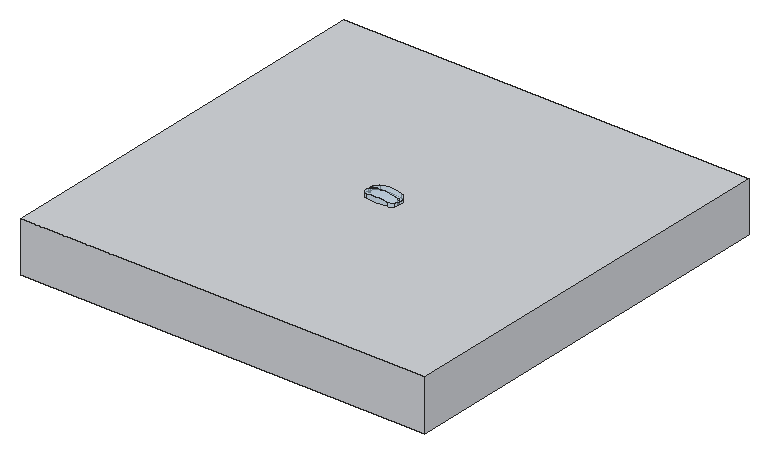
Revit family "GALAD Блистер LED", category Осветительные приборы, Revit 2018 (continued)
Parameters (values of type "GALAD Блистер LED-9 ECO IP30")
    9 281.93 279.39 276.30 272.49 268.26 263.61 258.54 252.91 246.85 239.94 232.62 224.73 216.56 207.68 198.52 188.94 179.08 169.21 158.51 147.66 136.95 126.24 115.67 105.25 95.25 85.81 76.79 68.33 60.73 53.82 47.34 41.70 36.63 32.12 28.32 25.08 22.40 19.87 16.63 12.82 9.58 7.89 8.59 10.00 10.71 10.57 10.57 10.29 9.86 9.44 9.02 8.59 8.31 7.89 7.47 7.04 6.62 6.34 5.92 5.49 5.07 4.51 3.95 3.10 1.69 0.28 0.00 0.14 \r\n287.28 286.72 286.58 285.74 284.19 281.93 279.39 276.30 272.49 268.26 263.47 258.40 252.34 245.72 238.96 232.05 223.88 215.71 207.40 198.38 188.94 178.94 168.65 158.08 147.66 136.95 126.10 115.39 105.11 95.25 85.66 76.79 68.62 60.87 53.82 47.48 41.70 36.63 32.26 28.32 25.22 22.54 19.87 16.34 12.68 9.86 8.31 8.59 10.00 10.99 10.85 10.71 10.57 10.14 9.58 9.30 8.88 8.45 8.03 7.61 7.19 6.76 6.34 5.92 5.64 5.07 4.51 3.95 3.24 1.83 0.28 0.00 0.14 \r\n287.28 286.72 286.58 285.74 284.19 281.93 279.54 276.30 272.77 268.69 263.90 258.40 252.48 246.43 239.38 232.05 224.30 215.85 206.83 197.96 188.80 178.94 168.65 158.37 147.66 136.81 126.10 115.53 105.25 95.10 85.66 76.93 68.76 61.01 54.10 47.62 41.99 36.91 32.41 28.60 25.36 22.82 20.15 17.05 13.10 9.58 7.89 8.31 10.14 11.13 10.99 10.85 10.71 10.29 9.72 9.44 8.88 8.45 8.17 7.75 7.19 6.76 6.34 5.92 5.64 5.07 4.51 3.95 3.24 1.83 0.42 0.00 0.14 \r\n287.28 286.72 286.58 285.74 284.19 282.07 279.54 276.15 272.49 268.26 263.47 258.26 252.34 245.72 239.10 231.91 223.88 215.71 206.97 197.82 188.24 178.23 168.09 157.66 147.09 136.25 125.54 114.97 104.54 94.54 85.10 76.22 67.91 60.44 53.40 47.06 41.42 36.35 31.98 28.32 25.22 22.54 19.73 16.34 12.54 9.72 8.03 8.59 10.85 11.55 11.41 11.13 10.85 10.29 9.86 9.44 9.02 8.45 8.03 7.61 7.19 6.76 6.48 6.06 5.64 5.07 4.51 3.95 3.38 1.97 0.42 0.00 0.14 \r\n287.28 286.72 286.58 285.59 284.19 282.07 279.39 276.15 272.35 268.26 263.47 257.98 252.20 245.72 238.96 231.35 223.74 215.29 206.55 197.53 187.95 177.95 167.81 157.38 146.81 135.82 124.97 114.55 103.98 94.12 84.82 75.94 67.77 60.16 53.12 46.78 41.14 36.21 31.84 28.04 24.94 22.26 19.73 16.63 12.82 9.72 8.17 8.88 11.13 11.69 11.55 11.27 10.99 10.43 10.00 9.44 9.02 8.45 8.03 7.61 7.19 6.90 6.48 6.06 5.64 5.07 4.51 3.95 3.38 2.11 0.56 0.00 0.14 \r\n287.28 286.72 286.58 285.59 284.19 281.93 279.25 276.30 272.77 268.26 263.61 258.40 252.34 246.28 239.52 232.20 224.30 215.85 207.12 197.68 187.95 177.95 167.67 157.10 146.25 135.54 124.97 114.41 103.84 93.84 84.40 75.52 67.35 59.88 52.98 46.64 41.00 36.07 31.70 28.04 24.94 22.12 19.30 16.06 12.68 10.14 8.45 9.02 11.27 11.69 11.41 11.27 10.85 10.43 10.00 9.58 9.02 8.59 8.17 7.61 7.19 6.76 6.48 6.06 5.64 5.07 4.51 3.95 3.38 2.25 0.70 0.00 0.14 \r\n287.28 286.72 286.58 285.59 284.19 281.93 279.39 276.30 272.91 268.69 264.18 258.82 252.77 246.14 238.96 231.63 223.88 215.57 206.69 197.39 187.53 177.67 167.24 156.68 146.11 135.26 124.41 113.70 103.42 93.55 84.26 75.52 67.21 59.74 52.84 46.50 40.86 35.79 31.42 27.76 24.66 22.12 19.44 16.48 12.82 9.72 8.74 9.72 11.69 11.69 11.41 11.27 10.99 10.43 10.00 9.44 8.88 8.45 8.03 7.61 7.19 6.76 6.34 5.92 5.64 5.07 4.51 3.95 3.38 2.40 0.85 0.00 0.14 \r\n287.28 286.72 286.58 285.59 284.19 282.21 279.82 276.72 272.91 268.69 264.18 258.82 252.77 246.00 238.82 231.77 223.88 215.15 206.41 197.25 187.67 177.67 167.38 156.82 145.97 134.98 124.41 113.70 103.42 93.27 83.83 75.10 66.93 59.32 52.27 46.07 40.44 35.51 31.28 27.47 24.52 21.98 19.44 16.63 13.39 10.57 9.30 10.29 11.98 11.84 11.55 11.27 10.99 10.43 9.86 9.44 8.88 8.45 8.03 7.61 7.19 6.76 6.34 5.92 5.49 5.07 4.51 3.95 3.52 2.40 0.99 0.00 0.14 \r\n287.28 286.72 286.58 285.59 284.33 282.49 280.10 277.00 273.05 268.69 263.76 258.40 252.34 246.00 239.10 231.35 223.46 215.01 205.99 196.69 187.11 176.96 166.82 156.11 145.54 134.84 123.85 113.28 102.85 92.85 83.27 74.53 66.50 58.89 51.99 45.79 40.16 35.22 30.86 27.19 24.23 21.70 19.16 16.34 13.53 11.27 10.43 11.27 12.54 12.12 11.69 11.41 10.99 10.43 9.86 9.30 8.88 8.45 8.03 7.47 7.04 6.76 6.34 5.92 5.49 5.07 4.51 3.95 3.52 2.54 1.13 0.00 0.14 \r\n287.28 286.72 286.58 285.74 284.47 282.64 280.10 277.00 273.05 268.55 263.61 257.98 251.92 245.30 238.25 230.93 222.90 214.44 205.57 196.27 186.69 176.68 166.12 155.69 145.12 133.99 123.28 112.72 102.29 92.29 83.13 74.11 65.94 58.33 51.43 45.09 39.59 34.80 30.43 26.91 23.95 21.42 19.16 16.63 13.81 11.55 10.99 11.69 12.40 12.12 11.69 11.41 10.99 10.43 9.86 9.30 8.74 8.31 7.89 7.47 7.04 6.76 6.34 5.92 5.49 5.07 4.51 3.95 3.52 2.68 1.27 0.14 0.14 \r\n287.28 286.72 286.58 285.88 284.61 282.78 279.96 276.72 273.05 268.41 263.47 257.70 251.64 245.16 238.11 230.65 222.47 213.88 205.57 196.41 186.40 176.26 165.69 155.13 144.42 133.43 122.86 112.01 101.59 91.72 82.28 73.55 65.38 57.91 51.00 44.66 39.17 34.24 30.01 26.49 23.53 20.99 18.60 16.06 13.53 11.84 11.55 12.26 12.68 12.26 11.84 11.55 10.99 10.29 9.72 9.16 8.74 8.31 7.89 7.47 7.04 6.62 6.34 5.92 5.49 4.93 4.51 3.95 3.52 2.82 1.27 0.14 0.14 \r\n287.28 286.72 286.58 286.02 284.75 282.78 279.82 276.58 272.91 268.12 263.05 257.56 251.36 244.73 237.83 230.22 222.19 213.60 204.72 195.70 185.70 175.56 165.55 154.84 143.85 133.15 122.44 111.59 101.02 91.16 81.72 72.84 64.67 57.20 50.30 44.10 38.46 33.67 29.45 25.92 23.11 20.71 18.32 16.06 13.81 12.40 12.26 12.68 12.54 12.12 11.69 11.41 10.85 10.14 9.58 9.02 8.45 8.17 7.75 7.33 7.04 6.62 6.34 5.92 5.49 4.93 4.37 3.95 3.52 2.82 1.41 0.14 0.14 \r\n287.28 286.58 286.58 286.02 284.89 282.78 279.68 276.30 272.49 267.84 262.77 257.27 251.22 244.88 237.83 230.08 221.91 213.32 204.30 194.86 185.14 175.41 164.85 154.14 143.43 132.44 121.59 111.03 100.60 90.60 81.16 72.42 64.25 56.64 49.74 43.54 38.04 33.25 29.02 25.50 22.68 20.29 18.18 15.92 13.95 12.68 12.54 12.96 12.68 12.12 11.69 11.27 10.71 10.14 9.58 8.88 8.45 8.03 7.75 7.33 6.90 6.62 6.20 5.92 5.35 4.93 4.37 3.95 3.52 2.96 1.55 0.28 0.14 \r\n287.28 286.58 286.72 286.16 284.75 282.49 279.54 276.15 271.93 267.56 262.49 256.85 250.79 244.31 237.27 229.66 221.35 212.89 204.16 194.86 185.14 175.13 164.71 153.86 143.01 132.02 121.03 110.32 100.04 89.89 80.45 71.72 63.40 55.65 48.89 42.69 37.20 32.41 28.32 24.94 22.12 19.87 17.75 15.78 14.37 13.53 13.39 13.24 12.68 11.98 11.55 11.13 10.43 9.86 9.30 8.74 8.31 7.89 7.61 7.19 6.90 6.48 6.20 5.78 5.35 4.93 4.37 3.95 3.52 2.96 1.69 0.28 0.14 \r\n287.28 286.58 286.72 286.16 284.61 282.21 279.39 275.87 271.79 267.28 262.21 256.85 250.51 243.89 236.99 229.10 221.21 212.75 203.73 194.44 184.43 174.29 163.86 153.15 142.59 131.60 120.75 109.90 99.33 89.33 79.89 70.87 62.70 55.23 48.47 42.27 36.63 31.98 27.90 24.52 21.70 19.44 17.61 15.92 14.51 13.67 13.53 13.39 12.68 11.98 11.41 10.71 10.14 9.44 8.88 8.45 8.03 7.75 7.47 7.19 6.76 6.48 6.20 5.78 5.35 4.79 4.37 3.80 3.52 3.10 1.83 0.42 0.14 \r\n287.28 286.58 286.72 286.16 284.33 281.93 279.11 275.73 271.79 267.28 262.06 256.57 250.37 243.47 236.28 229.10 220.78 212.05 203.17 193.59 183.87 174.01 163.58 152.73 141.88 130.75 119.62 109.19 98.63 88.62 78.90 70.02 61.85 54.39 47.34 41.14 35.79 31.14 27.05 23.81 21.13 19.02 17.33 15.78 14.65 14.09 13.95 13.67 12.96 12.26 11.41 10.57 9.72 9.02 8.45 8.03 7.75 7.47 7.19 6.90 6.62 6.34 6.06 5.64 5.21 4.79 4.37 3.80 3.52 3.10 1.97 0.42 0.14 \r\n287.28 286.58 286.86 286.16 284.33 281.79 278.97 275.73 271.65 267.28 261.92 256.15 250.09 243.33 236.14 228.67 220.64 212.05 202.75 193.45 183.59 173.44 163.02 152.31 141.46 130.47 119.34 108.49 98.06 87.92 78.34 69.60 61.29 53.68 46.78 40.58 35.22 30.57 26.63 23.25 20.71 18.46 16.91 15.64 14.65 14.09 14.09 13.53 12.82 11.98 11.27 10.29 9.44 8.59 8.03 7.61 7.47 7.19 7.04 6.76 6.48 6.34 5.92 5.64 5.21 4.79 4.23 3.80 3.52 3.10 1.97 0.56 0.14 \r\n287.28 286.58 286.86 286.30 284.33 281.79 278.83 275.59 271.50 266.86 261.64 255.87 249.67 243.04 235.86 228.25 220.08 211.48 202.33 192.74 183.02 172.88 162.31 151.60 140.75 129.91 118.77 107.78 97.22 87.21 77.63 68.47 60.30 52.69 45.65 39.59 34.24 29.59 25.78 22.54 20.01 18.03 16.48 15.36 14.51 14.23 14.09 13.53 12.82 11.98 11.27 10.29 9.30 8.31 7.75 7.33 7.04 6.90 6.76 6.62 6.34 6.20 5.92 5.49 5.07 4.65 4.23 3.80 3.52 3.24 2.11 0.56 0.14 \r\n287.28 286.58 287.00 286.30 284.33 281.79 278.69 275.31 271.22 266.57 261.50 255.58 249.67 242.76 235.15 227.69 219.37 210.78 201.90 192.60 182.60 172.31 161.89 151.04 139.91 128.92 117.93 106.94 96.65 86.37 76.79 67.91 59.60 51.85 45.09 39.03 33.67 29.02 25.08 21.98 19.44 17.47 15.92 14.93 14.37 14.23 14.23 13.39 12.54 11.84 10.85 9.86 8.88 7.89 7.33 6.90 6.62 6.48 6.34 6.34 6.20 5.92 5.78 5.35 5.07 4.65 4.23 3.80 3.52 3.24 2.25 0.70 0.14 \r\n287.28 286.58 287.00 286.30 284.19 281.65 278.41 275.03 270.94 266.29 261.08 255.30 249.10 242.48 235.01 227.26 218.95 210.50 201.34 191.76 182.04 171.75 161.32 150.62 139.77 128.50 117.37 106.52 95.67 85.52 75.80 66.78 58.61 50.86 43.96 37.90 32.55 28.04 24.23 21.13 18.74 16.77 15.36 14.51 14.09 14.23 13.95 13.24 12.54 11.69 10.71 9.72 8.59 7.75 6.90 6.62 6.34 6.20 6.06 6.06 5.92 5.78 5.49 5.21 4.93 4.65 4.23 3.80 3.52 3.24 2.25 0.70 0.14 \r\n287.28 286.72 287.00 286.16 284.04 281.51 278.27 274.89 270.80 266.01 260.80 254.88 248.54 242.06 234.73 226.98 218.67 210.22 200.78 191.05 181.33 171.33 160.62 149.77 138.64 127.79 116.66 105.67 95.10 84.82 75.10 66.08 57.63 50.02 43.11 36.91 31.70 27.19 23.53 20.43 18.03 16.20 14.79 14.09 13.95 14.09 13.67 12.96 12.12 11.27 10.29 9.16 8.17 7.33 6.76 6.34 6.06 5.78 5.78 5.64 5.64 5.64 5.35 5.07 4.79 4.51 4.09 3.80 3.52 3.38 2.40 0.70 0.14 \r\n287.28 286.72 287.14 286.02 284.04 281.37 278.27 274.75 270.66 265.87 260.66 254.60 248.40 241.35 234.17 226.42 218.11 209.51 200.35 190.77 180.77 170.76 160.06 149.07 137.94 126.95 115.67 104.83 94.26 83.97 74.25 65.09 56.64 48.89 41.99 35.93 30.72 26.35 22.68 19.73 17.33 15.50 14.23 13.67 13.67 13.81 13.39 12.54 11.69 10.85 9.86 8.74 7.89 7.04 6.48 6.06 5.64 5.49 5.35 5.35 5.35 5.35 5.21 4.93 4.65 4.37 4.09 3.80 3.66 3.38 2.54 0.85 0.14 \r\n287.28 286.72 287.14 285.88 283.90 281.37 278.13 274.60 270.52 265.59 260.51 254.60 248.26 241.21 233.89 226.14 217.82 208.95 199.93 190.49 180.06 169.92 159.63 148.79 137.65 126.52 115.39 104.26 93.55 83.27 73.41 64.25 55.94 48.19 41.28 35.22 30.01 25.50 21.98 19.02 16.63 14.79 13.67 13.10 13.39 13.39 12.96 12.40 11.55 10.43 9.44 8.31 7.47 6.76 6.34 5.78 5.35 5.07 5.07 5.07 5.07 5.07 4.93 4.79 4.65 4.37 4.09 3.80 3.66 3.38 2.54 0.85 0.14 \r\n287.28 286.72 287.14 285.88 283.90 281.23 277.99 274.46 270.24 265.31 260.09 254.46 247.98 241.07 233.89 226.28 217.68 208.81 199.65 190.07 180.06 169.92 159.35 148.36 137.23 126.10 114.83 103.70 92.99 82.56 72.56 63.40 54.95 47.06 40.16 34.10 29.02 24.66 20.99 18.18 15.92 14.23 13.10 12.82 13.10 12.96 12.54 11.84 10.99 10.00 8.88 7.89 7.04 6.48 6.06 5.49 5.07 4.79 4.79 4.79 4.79 4.79 4.79 4.65 4.51 4.23 4.09 3.80 3.66 3.38 2.68 0.99 0.14 \r\n287.28 286.72 287.00 285.74 283.90 281.09 277.85 274.32 270.10 265.31 259.95 254.17 247.55 240.65 233.60 225.85 217.26 208.38 199.23 189.50 179.64 169.36 158.65 147.80 136.67 125.40 114.27 102.99 92.15 81.72 71.72 62.56 53.96 46.35 39.17 33.25 28.04 23.81 20.29 17.47 15.22 13.53 12.54 12.54 12.68 12.40 11.84 11.27 10.29 9.30 8.31 7.47 6.76 6.34 5.78 5.35 4.93 4.51 4.37 4.37 4.51 4.51 4.51 4.51 4.37 4.23 4.09 3.80 3.66 3.38 2.68 0.99 0.14 \r\n287.28 286.86 287.00 285.74 283.76 280.80 277.56 274.18 270.10 265.16 259.67 253.89 247.41 240.51 233.18 225.01 216.56 207.68 198.66 188.94 178.94 168.51 157.94 146.67 135.96 124.55 113.00 102.01 91.02 80.73 70.59 61.29 52.69 45.09 38.04 32.12 27.05 22.82 19.30 16.63 14.37 12.82 12.12 12.26 12.12 11.84 11.27 10.57 9.72 8.59 7.75 7.04 6.48 5.92 5.49 5.07 4.65 4.23 4.09 4.09 4.09 4.23 4.37 4.23 4.23 4.09 4.09 3.95 3.66 3.38 2.82 0.99 0.14 \r\n287.28 286.86 287.00 285.74 283.62 280.80 277.56 274.04 269.81 264.88 259.39 253.47 247.13 240.23 232.62 224.59 216.13 207.26 198.24 188.52 178.37 167.95 157.24 146.39 135.26 123.99 112.58 101.59 90.60 79.89 70.02 60.58 52.13 44.24 37.34 31.28 26.21 21.98 18.46 15.78 13.53 11.98 11.55 11.69 11.69 11.27 10.57 9.86 8.88 8.03 7.19 6.62 6.20 5.64 5.21 4.79 4.37 3.95 3.80 3.80 3.80 3.95 4.09 4.09 4.09 4.09 3.95 3.95 3.66 3.52 2.82 1.13 0.14 \r\n287.28 286.86 287.00 285.74 283.62 280.94 277.70 274.04 269.67 264.74 259.25 253.05 246.57 239.66 232.20 224.30 215.85 206.97 197.82 188.09 177.81 167.67 156.96 145.83 134.55 123.42 112.01 100.74 89.61 79.18 69.04 59.74 51.00 43.11 36.21 30.29 25.08 20.99 17.61 14.93 12.82 11.55 11.27 11.27 11.13 10.71 10.00 9.02 8.17 7.33 6.76 6.34 5.78 5.35 4.93 4.51 4.09 3.66 3.38 3.38 3.52 3.66 3.80 3.95 3.95 3.95 3.95 3.95 3.66 3.52 2.96 1.13 0.14 \r\n287.28 286.86 287.00 285.59 283.62 280.94 277.56 274.04 269.39 264.46 259.11 252.77 246.28 239.52 232.20 223.88 215.57 206.55 197.39 187.67 177.39 167.24 156.53 145.40 134.13 122.86 111.45 100.04 88.76 78.34 68.33 58.75 50.16 42.27 35.36 29.45 24.37 20.15 16.77 13.95 11.84 10.85 10.71 10.71 10.57 10.14 9.16 8.17 7.33 6.90 6.48 5.92 5.49 5.07 4.65 4.23 3.80 3.52 3.24 3.10 3.24 3.38 3.52 3.80 3.95 3.95 3.95 3.95 3.66 3.52 2.96 1.13 0.14 \r\n287.28 287.00 287.00 285.59 283.62 280.94 277.28 273.76 269.25 264.04 258.97 252.77 246.14 239.38 232.05 223.46 215.01 206.13 196.97 187.25 177.11 166.68 155.69 144.70 133.57 122.30 110.74 99.47 88.34 77.49 67.35 57.77 49.17 41.28 34.38 28.32 23.39 19.16 15.92 13.10 11.27 10.43 10.14 10.14 10.00 9.44 8.45 7.47 6.90 6.34 5.92 5.49 5.07 4.65 4.23 3.95 3.52 3.24 2.96 2.82 2.82 3.10 3.38 3.66 3.80 3.95 3.95 3.95 3.66 3.52 3.10 1.13 0.14 \r\n287.28 287.00 287.00 285.59 283.62 280.80 277.28 273.34 269.25 263.76 258.54 252.62 245.86 239.10 231.63 223.18 214.58 205.85 196.69 186.69 176.54 166.12 155.13 144.14 133.00 121.45 110.04 98.63 87.50 76.79 66.64 57.06 48.33 40.44 33.53 27.47 22.54 18.32 14.93 12.26 10.43 9.86 9.72 9.58 9.16 8.59 7.75 6.76 6.20 5.78 5.49 5.07 4.65 4.23 3.95 3.52 3.24 2.96 2.68 2.54 2.54 2.82 3.10 3.52 3.80 3.95 3.95 3.95 3.66 3.52 3.10 1.13 0.14 \r\n287.28 287.00 287.00 285.59 283.48 280.80 277.28 273.34 269.39 264.18 258.40 252.34 245.86 238.82 231.21 223.18 214.30 205.57 196.13 186.40 175.98 165.55 154.98 143.57 132.58 120.89 109.48 98.20 86.65 75.94 65.80 56.22 47.48 39.45 32.55 26.63 21.70 17.47 14.09 11.41 9.86 9.16 9.02 8.88 8.31 7.75 7.19 6.34 5.64 5.35 4.93 4.65 4.23 3.95 3.52 3.24 2.96 2.68 2.40 2.25 2.25 2.54 2.96 3.38 3.80 3.95 3.95 3.95 3.80 3.52 3.24 1.13 0.14 \r\n287.28 287.00 287.00 285.59 283.48 280.66 277.14 273.34 269.11 264.04 258.40 252.06 245.86 238.39 230.65 222.90 214.16 205.00 195.56 185.98 175.70 164.99 154.14 143.29 132.02 120.47 108.77 97.36 86.23 75.24 64.95 55.37 46.64 38.75 31.70 25.78 20.71 16.63 13.10 10.43 9.16 8.74 8.45 8.03 7.47 7.04 6.62 5.78 5.07 4.79 4.51 4.09 3.80 3.52 3.24 2.96 2.68 2.40 2.11 1.97 2.11 2.40 2.82 3.38 3.66 3.95 3.95 3.95 3.80 3.52 3.24 1.27 0.14 \r\n287.28 287.14 287.00 285.59 283.34 280.52 277.00 273.20 268.83 263.61 258.26 251.78 245.44 238.11 230.36 222.33 213.74 204.86 195.14 185.56 175.27 164.57 153.58 142.44 131.17 119.90 108.35 96.79 85.66 74.53 63.97 54.53 45.65 37.90 30.86 24.94 20.01 15.78 12.12 9.72 8.74 8.17 7.61 7.04 6.76 6.48 6.06 5.35 4.51 4.23 3.95 3.66 3.38 3.10 2.82 2.54 2.40 2.11 1.97 1.83 1.97 2.40 2.82 3.24 3.66 3.95 3.95 3.95 3.80 3.52 3.38 1.27 0.14 \r\n287.28 287.14 287.00 285.45 283.34 280.52 276.86 273.05 268.83 263.76 257.98 251.64 245.02 237.97 230.36 221.91 213.46 204.44 194.86 185.00 174.85 164.42 153.01 142.44 130.89 119.34 107.50 96.09 84.82 73.97 63.40 53.96 44.95 37.34 30.15 24.23 19.16 14.79 11.27 9.16 8.17 7.33 6.76 6.34 6.20 5.92 5.49 4.79 4.09 3.66 3.38 3.24 2.96 2.68 2.54 2.25 2.11 1.97 1.83 1.69 1.83 2.25 2.68 3.24 3.66 3.95 3.95 3.95 3.80 3.66 3.38 1.27 0.14 \r\n287.28 287.14 287.00 285.45 283.34 280.66 276.86 273.05 268.83 263.61 257.98 251.78 244.73 237.55 230.36 221.91 213.32 204.16 194.72 184.43 174.57 164.00 152.87 141.74 130.05 118.77 107.08 95.67 84.11 73.12 62.84 53.12 44.38 36.49 29.45 23.53 18.46 13.81 10.29 8.59 7.61 6.62 6.06 5.78 5.49 5.21 4.93 4.37 3.52 3.24 2.96 2.82 2.54 2.40 2.25 2.11 1.97 1.83 1.69 1.55 1.69 2.11 2.54 3.10 3.66 3.95 3.95 3.95 3.80 3.66 3.38 1.27 0.14 \r\n287.28 287.14 287.14 285.45 283.34 280
